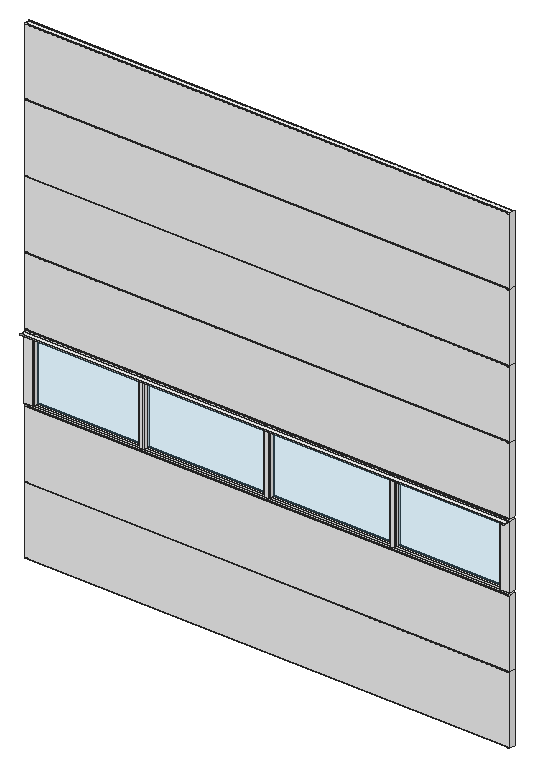
Revit family
Parameters (values of type "By Type")
  Windload = "Doors available rated for various design pressures; consult Clopay for avaialbility and specifications"
  VisSection6 = NumSections = 6  # no
  VisSection5 = NumSections > 4  # yes
  VisSection4 = NumSections > 3  # yes
  VisSection3 = NumSections > 2  # yes
  VisArray = NumSections > 6  # yes
  URL = "www.clopaydoor.com"
  Track = "Galvanized steel (gauge varies according to door size)"
  Thickness = 0' - 2"  # constant formula
  Spec Wizard = "http://www.arcat.com/specwizard/08360clo/index.htm"
  Section Height = Height / NumSections  # 2' - 0"
  Section 5 Glazing = 3200 Section : Solid
  Section 4 Glazing = 3200 Section : Solid
  Section 3 Glazing = Full Vision Section : Intermediate
  Sales Information = "http://www.clopaydoor.com/where-to-buy.aspx?type=dealer"
  Rough Width = 0' - 0"  # constant formula
  Rough Height = 0' - 0"  # constant formula
  R-Value = "9.1"
  Product Features and Benefits = "http://www.clopaydoor.com/insulated-polystyrene-applications.aspx"
  Overlapping Jamb = yes
  Overlap = if(Overlapping Jamb, 0' 1", 0' 0")  # 0' - 1"
  Opening Width = 14' - 0"
  Opening Height = 14' - 0"
  Omniclass Table = "23-30 10 17 37 "
  NumSectionsNotRounded = Height / 2' 0"  # 7
  NumSections = NumSectionsNotRounded + 0.4999  # 7
  NumArraySections = if(NumSections > 6, NumSections - 5, 2)  # 2
  Model = "3200"
  Maximum Size = "Maximum 26' 2'' wide by 24' 0'' high. Additional limitations may apply do to door weight. Consult Clopay for specificiations and shop drawings."  # constant formula
  Manufacturer Website = "http://www.clopaydoor.com"
  Manufacturer Phone Number = "1-800-526-4301"
  Manufacturer Address = "1400 W. Market St., Troy, OH 45373"
  Manufacturer = "Clopay Building Products Company"
  LEED = "http://products.construction.com/swts_content_files/151607/303186.pdf"
  Keynote = "08 36 13"
  Interior Steel = "28 ga. galvanized, primed, and finish painted"
  Hardware = "14 ga. min. steel hinges; 10-ball steel rollers"
  GreenFormat = "http://www.greenformat.com/products/1541-Polystyrene-Insulated-Doors"
  Function = (empty or 0)
  Height = Opening Height + Rough Width * 0  # 14' - 0"
  Wall Closure = (empty or 0)
  Width = Opening Width + Rough Width * 0  # 14' - 0"
  FloorToSection7 = 6 * Section Height  # 12' - 0"
  FloorToSection6 = 5 * Section Height  # 10' - 0"
  FloorToSection5 = 4 * Section Height  # 8' - 0"
  FloorToSection4 = 3 * Section Height  # 6' - 0"
  FloorToSection3 = 2 * Section Height  # 4' - 0"
  FloorToSection2 = Section Height  # 2' - 0"
  File Revision = "01 (Aug, 2012)"
  Enterior Steel = "24 ga. galvanized, primed, and finish painted"
  Double End Stiles = Door Width > 14' 2"  # no
  Door Width = Opening Width + Overlap * 2  # 14' - 2"
  Door Height = Opening Height + Rough Width * 0  # 14' - 0"
  Description = "2'' thick polystyrene insulated, stucco embossed 24 gauge steel exterior with light ribbed pattern."
  Core Material = "Expanded polystyrene"
  Copyright = "2010, Clopay Building Products Company, Inc."
  Color = White
  CAD and Specifications = "http://www.clopaydoor.com/insulated-polystyrene-specs.aspx"
  Assembly Code = "B2030410"
Reference planes (in)
  plane 1 "Center (Front/Back)": y = 0
  plane 2 "Center (Left/Right)": x = 0
  plane 3 "Left": x = -84
  plane 4 "Right": x = 84
  plane 5 "Top": z = 168
  plane 6 "Exterior": y = 3
  plane 7 "Interior": y = -3
  plane 8: z = 120
  plane 9: z = 144
Lines and regions (in)
  Opening 1
    outline origin (-90, -3, 0) x (1, 0, 0) y (0, 0, 1)
      loop
        line (6, 0) -> (174, 0) -> (174, 168) -> (6, 168) -> (6, 0)
Text (in)
  text "Exterior" at (-74.96733, 27.31104, 0), in view "Ref. Level"
  text "Interior" at (-74.96733, -25.14366, 0), in view "Ref. Level"
  text "Exterior" at (0, 40.15149, 123.01588), in view "Right"
  text "Interior" at (0, -64.39139, 123.01588), in view "Right"
  text "Interior" at (0, -31.01599, 123.00693), in view "Left"
  text "Exterior" at (0, 54.57065, 123.00693), in view "Left"
Dimensions and locks (in)
  equal spacing: plane 3 "Left", plane 2 "Center (Left/Right)", plane 4 "Right"
  "Height": level to plane 5 "Top"
  "Width": plane 3 "Left" to plane 4 "Right"
  host wall to plane 5 "Top" = 14' - 0"
  nested 1 to plane 7 "Interior" = 0' - 0 1/2"
  "FloorToSection6": plane 8 to level
  "FloorToSection7": plane 9 to level
  group 1 to group 2 = 0' - 0"  (x2)
  group 1 to group 2 = 2' - 0"
  aligned and locked: plane 3 "Left" to Opening 1 sketch curve
  aligned and locked: plane 5 "Top" to Opening 1 sketch curve
  aligned and locked: Opening 1 sketch curve to plane 5 "Top"
  aligned and locked: Opening 1 sketch curve to plane 4 "Right"
  aligned and locked: Opening 1 sketch curve to level
  aligned and locked: plane 6 "Exterior" to host wall
  aligned and locked: host wall to plane 7 "Interior"
  aligned and locked: plane 2 "Center (Left/Right)" to nested 2
  aligned and locked: plane 2 "Center (Left/Right)" to nested 3
  aligned and locked: plane 2 "Center (Left/Right)" to nested 4
  aligned and locked: plane 2 "Center (Left/Right)" to nested 6
  aligned and locked: nested 6 to plane 8
  aligned and locked: nested 7 to plane 9
  aligned and locked: plane 2 "Center (Left/Right)" to nested 9
  aligned and locked: plane 7 "Interior" to nested 2
  aligned and locked: plane 7 "Interior" to nested 3
  aligned and locked: plane 7 "Interior" to nested 4  (x2)
  aligned and locked: plane 7 "Interior" to nested 9  (x2)
  aligned and locked: plane 7 "Interior" to nested 7
  aligned and locked: nested 1 to nested 7
  aligned and locked: nested 1 to nested 6
  aligned and locked: host wall to nested 3
Nested families (in)
  nested 1: "3200 Section" at (0, 0, 0), type "Solid"
    with X9 0' - 7 1/2", X8 0' - 7 1/2", X7 0' - 7 1/2", X6 0' - 7 1/2", X5 0' - 7 1/2", X4 11' - 7 1/2", X3 7' - 11 1/2", X2 4' - 3 1/2", NumWindows 4, NumArrayedWindows 4, Half Door Width Neg -7' - 1", Half Door Width 7' - 1", X1 0' - 7 1/2", Door Width 14' - 2"
  nested 2: "3200 Section" at (0, 0, 24), built-in parameter 1001364 <- "Section Height", type "Solid"
    with X9 0' - 7 1/2", X8 0' - 7 1/2", X7 0' - 7 1/2", X6 0' - 7 1/2", X5 0' - 7 1/2", X4 11' - 7 1/2", X3 7' - 11 1/2", X2 4' - 3 1/2", NumWindows 4, NumArrayedWindows 4, Half Door Width Neg -7' - 1", Half Door Width 7' - 1", X1 0' - 7 1/2", Door Width 14' - 2"
  nested 3: "3200 Section" at (0, 0, 120), built-in parameter 1001364 <- "FloorToSection6", visible <- "VisSection6", type "Solid"
    with X9 0' - 7 1/2", X8 0' - 7 1/2", X7 0' - 7 1/2", X6 0' - 7 1/2", X5 0' - 7 1/2", X4 11' - 7 1/2", X3 7' - 11 1/2", X2 4' - 3 1/2", NumWindows 4, NumArrayedWindows 4, Half Door Width Neg -7' - 1", Half Door Width 7' - 1", X1 0' - 7 1/2", Door Width 14' - 2"
  nested 4: "3200 Section" at (0, 0, 96), built-in parameter 1001364 <- "FloorToSection5", type <- "Section 5 Glazing", visible <- "VisSection5", type "Solid"
    with X9 0' - 7 1/2", X8 0' - 7 1/2", X7 0' - 7 1/2", X6 0' - 7 1/2", X5 0' - 7 1/2", X4 11' - 7 1/2", X3 7' - 11 1/2", X2 4' - 3 1/2", NumWindows 4, NumArrayedWindows 4, Half Door Width Neg -7' - 1", Half Door Width 7' - 1", X1 0' - 7 1/2", Door Width 14' - 2"
  nested 5: "3200 Section" at (0, 0, 72), type <- "Section 4 Glazing", built-in parameter 1001364 <- "FloorToSection4", visible <- "VisSection4", type "Solid"
    with X9 0' - 7 1/2", X8 0' - 7 1/2", X7 0' - 7 1/2", X6 0' - 7 1/2", X5 0' - 7 1/2", X4 11' - 7 1/2", X3 7' - 11 1/2", X2 4' - 3 1/2", NumWindows 4, NumArrayedWindows 4, Half Door Width Neg -7' - 1", Half Door Width 7' - 1", X1 0' - 7 1/2", Door Width 14' - 2"
  nested 6: "3200 Section" at (0, 0, 120), visible <- "VisArray", type "Solid"
    with X9 0' - 7 1/2", X8 0' - 7 1/2", X7 0' - 7 1/2", X6 0' - 7 1/2", X5 0' - 7 1/2", X4 11' - 7 1/2", X3 7' - 11 1/2", X2 4' - 3 1/2", NumWindows 4, NumArrayedWindows 4, Half Door Width Neg -7' - 1", Half Door Width 7' - 1", X1 0' - 7 1/2", Door Width 14' - 2"
  nested 7: "3200 Section" at (0, 0, 144), visible <- "VisArray", type "Solid"
    with X9 0' - 7 1/2", X8 0' - 7 1/2", X7 0' - 7 1/2", X6 0' - 7 1/2", X5 0' - 7 1/2", X4 11' - 7 1/2", X3 7' - 11 1/2", X2 4' - 3 1/2", NumWindows 4, NumArrayedWindows 4, Half Door Width Neg -7' - 1", Half Door Width 7' - 1", X1 0' - 7 1/2", Door Width 14' - 2"
  nested 8: "3200 Section" at (0, 4.53003, 370.39685), type "Windows - 24x8", not visible
    with X9 0' - 7 1/2", X8 0' - 7 1/2", X7 0' - 7 1/2", X6 0' - 7 1/2", X5 0' - 7 1/2", X4 11' - 7 1/2", X3 7' - 11 1/2", X2 4' - 3 1/2", NumWindows 4, NumArrayedWindows 4, Half Door Width Neg -7' - 1", Half Door Width 7' - 1", X1 0' - 7 1/2", Door Width 14' - 2"
  nested 9: "Full Vision Section" at (0, 0, 48), built-in parameter 1001364 <- "FloorToSection3", type <- "Section 3 Glazing", type "Intermediate"
    with SingleStileVis no, Rail Width 14' - 1 13/16", NumIntStiles 3, Half Rail Width 7' - 0 29/32", Half Door Width 7' - 1", Glass Width 14' - 0 13/16", Edge to 1st Int Stile 3' - 5", Door Width 14' - 2", ArrayStileVis yes, ArrayIntStiles 3
Definition of nested family "3200 Section"
  Parameters (values of type "Windows - 24x12")
    X9 = if(if(NumArrayedWindows < NumWindows, NumArrayedWindows + 1, NumWindows) < 9, X1, X8 + WindowSpacing)  # 0' - 7 1/2"
    X8 = if(if(NumArrayedWindows < NumWindows, NumArrayedWindows + 1, NumWindows) < 8, X1, X7 + WindowSpacing)  # 0' - 7 1/2"
    X7 = if(if(NumArrayedWindows < NumWindows, NumArrayedWindows + 1, NumWindows) < 7, X1, X6 + WindowSpacing)  # 0' - 7 1/2"
    X6 = if(if(NumArrayedWindows < NumWindows, NumArrayedWindows + 1, NumWindows) < 6, X1, X5 + WindowSpacing)  # 0' - 7 1/2"
    X5 = if(if(NumArrayedWindows < NumWindows, NumArrayedWindows + 1, NumWindows) < 5, X1, X4 + WindowSpacing)  # 0' - 7 1/2"
    X4 = if(if(NumArrayedWindows < NumWindows, NumArrayedWindows + 1, NumWindows) < 4, X1, X3 + WindowSpacing)  # 11' - 7 1/2"
    X3 = if(or(NumWindows < 3, SingleWindowVis), X1, X2 + WindowSpacing)  # 7' - 11 1/2"
    X2 = if(NumWindows < 2, ((Door Width - (NumWindows - 1) * WindowSpacing) / 2 - Cutout Width / 2), ((Door Width - (NumWindows - 1) * WindowSpacing) / 2 - Cutout Width / 2) + WindowSpacing)  # 4' - 3 1/2"
    Windows (2) = 3200 Window : 24x12
    Windows = 3200 Window Array : 24x12
    WindowSpacing = if(and(Door Width < 10' 0", Door Width > 9' 2"), 3' 4", 3' 8")  # 3' - 8"
    WindowArrayVis = and(or(and(Window Type Index = 4, Door Width > 7' 6", Door Width < 16' 3"), Window Type Index = 3, Window Type Index = 2), not(SingleWindowVis))  # yes
    WindowCutDepth = if(or(Window Type Index = 1, and(Door Width < 7' 8", Window Type Index = 4), and(Window Type Index = 4, Door Width > 16' 2")), -0' 0 13/128", 0' 2")  # 0' - 2"
    Window Type Index = 3
    SingleWindowVis = and(X2 = X1, NumWindows = 3, Window Type Index = 4)  # no
    Section Height = 2' - 0"
    RibSpacing = Section Height / (NumRibs + 1)  # 0' - 4"
    NumWindows = if(Door Width < 9' 4", 2, if(Door Width < 13' 4", 3, if(Door Width < 16' 4", 4, if(Door Width < 20' 4", 5, if(Door Width < 24' 4", 6, if(Door Width < 26' 4", 7, if(Door Width < 31' 8", 8, 10)))))))  # 4
    NumRibs = if(Section Height < 1' 9", 3, if(Section Height < 2' 0", 4, 5))  # 5
    NumArrayedWindows = if(X2 = X1, if(NumWindows < 4, 2, NumWindows - 2), NumWindows)  # 4
    Half Section Height = Section Height / 2  # 1' - 0"
    Half Door Width Neg = -Half Door Width  # -7' - 1"
    Half Door Width = Door Width / 2  # 7' - 1"
    Half Cutout Height = Cutout Height / 2  # 0' - 5 1/2"
    Function = (empty or 0)
    Height = 0' - 0"
    Wall Closure = (empty or 0)
    Width = 0' - 0"
    X1 = if(if(Window Type Index = 4, if(or(and(Door Width < 11' 0", Door Width > 9' 2"), and(Door Width < 15' 3", Door Width > 13' 2")), X2, (Door Width - (NumWindows - 1) * WindowSpacing) / 2 - Cutout Width / 2), if(or(and(Door Width > 16' 2", Door Width < 16' 7")), X2, (Door Width - (NumWindows - 1) * WindowSpacing) / 2 - Cutout Width / 2)) < 0' 1", 0' 1", if(Window Type Index = 4, if(or(and(Door Width < 11' 0", Door Width > 9' 2"), and(Door Width < 15' 3", Door Width > 13' 2")), X2, (Door Width - (NumWindows - 1) * WindowSpacing) / 2 - Cutout Width / 2), if(or(and(Door Width > 16' 2", Door Width < 16' 7")), X2, (Door Width - (NumWindows - 1) * WindowSpacing) / 2 - Cutout Width / 2)))  # 0' - 7 1/2"
    Door Width = 14' - 2"
    CutoutToCutout = 1' - 0"
    Cutout Width = if(Window Type Index = 4, 3' 2", 1' 11")  # 1' - 11"
    Cutout Height = if(Window Type Index = 4, 1' 0", if(Window Type Index = 3, 0' 11", 0' 7"))  # 0' - 11"
    Color = White
    BtmTo1stRib = RibSpacing  # 0' - 4"
    Assembly Code = ""
  Types (4): name | X9 | X8 | X7 | X6 | X5 | X4 | X3 | X2 | Windows (2) | Windows | WindowArrayVis | WindowCutDepth | Window Type Index | NumWindows | NumArrayedWindows | Half Door Width Neg | Half Door Width | Half Cutout Height | X1 | Door Width | Cutout Width | Cutout Height
    Windows - 24x12 | 0' - 7 1/2" | 0' - 7 1/2" | 0' - 7 1/2" | 0' - 7 1/2" | 0' - 7 1/2" | 11' - 7 1/2" | 7' - 11 1/2" | 4' - 3 1/2" | 3200 Window : 24x12 | 3200 Window Array : 24x12 | yes | 0' - 2" | 3 | 4 | 4 | -7' - 1" | 7' - 1" | 0' - 5 1/2" | 0' - 7 1/2" | 14' - 2" | 1' - 11" | 0' - 11"
    Windows - 24x8 | 3' - 6 1/2" | 3' - 6 1/2" | 3' - 6 1/2" | 3' - 6 1/2" | 3' - 6 1/2" | 10' - 10 1/2" | 7' - 2 1/2" | 3' - 6 1/2" | 3200 Window : 24x8 | 3200 Window Array : 24x8 | yes | 0' - 2" | 2 | 5 | 3 | -8' - 2" | 8' - 2" | 0' - 3 1/2" | 3' - 6 1/2" | 16' - 4" | 1' - 11" | 0' - 7"
    Solid | 1' - 5 1/2" | 1' - 5 1/2" | 1' - 5 1/2" | 1' - 5 1/2" | 1' - 5 1/2" | 1' - 5 1/2" | 8' - 9 1/2" | 5' - 1 1/2" | 3200 Window : 24x8 | 3200 Window : 24x8 | no | -0' - 0 13/128" | 1 | 3 | 3 | -6' - 1" | 6' - 1" | 0' - 3 1/2" | 1' - 5 1/2" | 12' - 2" | 1' - 11" | 0' - 7"
    Windows - 40x14 | 0' - 10" | 0' - 10" | 0' - 10" | 0' - 10" | 0' - 10" | 0' - 10" | 8' - 2" | 4' - 6" | 3200 Window : 40x14 | 3200 Window Array : 40x14 | yes | 0' - 2" | 4 | 3 | 3 | -6' - 1" | 6' - 1" | 0' - 6" | 0' - 10" | 12' - 2" | 3' - 2" | 1' - 0"
  Reference planes (in)
    plane 1 "Center (Front/Back)": y = 0
    plane 2 "Center (Left/Right)": x = 0
    plane 3 "Exterior": y = 3
    plane 4 "Interior": y = -3
    plane 5: y = -3.5
    plane 6: x = 85
    plane 7: x = -85
    plane 8: z = 4
    plane 9: z = 8
    plane 10: z = 24
    plane 11: z = 12
    plane 12: z = 0
  Forms (in)
    Extrusion 1, solid, material "White" <- "Color"
      sketch origin (-85, -12, 83.08252) x (0, 0, 1) y (0, -1, 0)
        loop
          line (-59.08252, -8.37573) -> (-59.08252, -6.62444)
          arc (-59.08252, -6.62444) -> (-59.11897, -6.53645) -> (-59.20696, -6.5) r 0.12444
          line (-59.20696, -6.5) -> (-82.95809, -6.5)
          arc (-82.95809, -6.5) -> (-83.04608, -6.53645) -> (-83.08252, -6.62444) r 0.12444
          line (-83.08252, -6.62444) -> (-83.08252, -8.37573)
          arc (-83.08252, -8.37573) -> (-83.04612, -8.4636) -> (-82.95825, -8.5) r 0.12427
          line (-82.95825, -8.5) -> (-59.20679, -8.5)
          arc (-59.20679, -8.5) -> (-59.11892, -8.4636) -> (-59.08252, -8.37573) r 0.12427
      from 0 to 170 <- "Door Width"
    Extrusion 2, void
      sketch origin (-98.15385, -3.5, 48) x (1, 0, 0) y (0, 0, 1)
        loop
          line (175.65385, -30.5) -> (152.65385, -30.5) -> (152.65385, -36) -> (175.65385, -36) -> (175.65385, -30.5)
      from 0 to 2 <- "WindowCutDepth"
    Extrusion 3, void
      sketch origin (-98.15385, -3.5, -24) x (1, 0, 0) y (0, 0, 1)
        loop
          line (175.65385, 30.5) -> (175.65385, 36) -> (152.65385, 36) -> (152.65385, 30.5) -> (175.65385, 30.5)
      from 0 to 2 <- "WindowCutDepth"
    Extrusion 4, void
      sketch origin (-136.15385, -3.5, 48) x (1, 0, 0) y (0, 0, 1)
        loop
          line (169.65385, -30.5) -> (146.65385, -30.5) -> (146.65385, -36) -> (169.65385, -36) -> (169.65385, -30.5)
      from 0 to 2 <- "WindowCutDepth"
    Extrusion 5, void
      sketch origin (-136.15385, -3.5, -24) x (1, 0, 0) y (0, 0, 1)
        loop
          line (169.65385, 30.5) -> (169.65385, 36) -> (146.65385, 36) -> (146.65385, 30.5) -> (169.65385, 30.5)
      from 0 to 2 <- "WindowCutDepth"
    Extrusion 6, void
      sketch origin (-171.15385, -3.5, 48) x (1, 0, 0) y (0, 0, 1)
        loop
          line (160.65385, -30.5) -> (137.65385, -30.5) -> (137.65385, -36) -> (160.65385, -36) -> (160.65385, -30.5)
      from 0 to 2 <- "WindowCutDepth"
    Extrusion 7, void
      sketch origin (-171.15385, -3.5, -24) x (1, 0, 0) y (0, 0, 1)
        loop
          line (160.65385, 30.5) -> (160.65385, 36) -> (137.65385, 36) -> (137.65385, 30.5) -> (160.65385, 30.5)
      from 0 to 2 <- "WindowCutDepth"
    Extrusion 8, void
      sketch origin (-214.15385, -3.5, 48) x (1, 0, 0) y (0, 0, 1)
        loop
          line (159.65385, -30.5) -> (136.65385, -30.5) -> (136.65385, -36) -> (159.65385, -36) -> (159.65385, -30.5)
      from 0 to 2 <- "WindowCutDepth"
    Extrusion 9, void
      sketch origin (-214.15385, -3.5, -24) x (1, 0, 0) y (0, 0, 1)
        loop
          line (159.65385, 30.5) -> (159.65385, 36) -> (136.65385, 36) -> (136.65385, 30.5) -> (159.65385, 30.5)
      from 0 to 2 <- "WindowCutDepth"
    Extrusion 10, void
      sketch origin (-256.15385, -3.5, 48) x (1, 0, 0) y (0, 0, 1)
        loop
          line (333.65385, -30.5) -> (310.65385, -30.5) -> (310.65385, -36) -> (333.65385, -36) -> (333.65385, -30.5)
      from 0 to 2 <- "WindowCutDepth"
    Extrusion 11, void
      sketch origin (-256.15385, -3.5, -24) x (1, 0, 0) y (0, 0, 1)
        loop
          line (333.65385, 30.5) -> (333.65385, 36) -> (310.65385, 36) -> (310.65385, 30.5) -> (333.65385, 30.5)
      from 0 to 2 <- "WindowCutDepth"
    Extrusion 12, void
      sketch origin (-294.15385, -3.5, 48) x (1, 0, 0) y (0, 0, 1)
        loop
          line (371.65385, -30.5) -> (348.65385, -30.5) -> (348.65385, -36) -> (371.65385, -36) -> (371.65385, -30.5)
      from 0 to 2 <- "WindowCutDepth"
    Extrusion 13, void
      sketch origin (-294.15385, -3.5, -24) x (1, 0, 0) y (0, 0, 1)
        loop
          line (371.65385, 30.5) -> (371.65385, 36) -> (348.65385, 36) -> (348.65385, 30.5) -> (371.65385, 30.5)
      from 0 to 2 <- "WindowCutDepth"
    Extrusion 14, void
      sketch origin (-331.15385, -3.5, 48) x (1, 0, 0) y (0, 0, 1)
        loop
          line (408.65385, -30.5) -> (385.65385, -30.5) -> (385.65385, -36) -> (408.65385, -36) -> (408.65385, -30.5)
      from 0 to 2 <- "WindowCutDepth"
    Extrusion 15, void
      sketch origin (-331.15385, -3.5, -24) x (1, 0, 0) y (0, 0, 1)
        loop
          line (408.65385, 30.5) -> (408.65385, 36) -> (385.65385, 36) -> (385.65385, 30.5) -> (408.65385, 30.5)
      from 0 to 2 <- "WindowCutDepth"
    Extrusion 16, void
      sketch origin (-368.15385, -3.5, 48) x (1, 0, 0) y (0, 0, 1)
        loop
          line (445.65385, -30.5) -> (422.65385, -30.5) -> (422.65385, -36) -> (445.65385, -36) -> (445.65385, -30.5)
      from 0 to 2 <- "WindowCutDepth"
    Extrusion 17, void
      sketch origin (-368.15385, -3.5, -24) x (1, 0, 0) y (0, 0, 1)
        loop
          line (445.65385, 30.5) -> (445.65385, 36) -> (422.65385, 36) -> (422.65385, 30.5) -> (445.65385, 30.5)
      from 0 to 2 <- "WindowCutDepth"
    Extrusion 18, void
      sketch origin (-407.15385, -3.5, 48) x (1, 0, 0) y (0, 0, 1)
        loop
          line (484.65385, -30.5) -> (461.65385, -30.5) -> (461.65385, -36) -> (484.65385, -36) -> (484.65385, -30.5)
      from 0 to 2 <- "WindowCutDepth"
    Extrusion 19, void
      sketch origin (-407.15385, -3.5, -24) x (1, 0, 0) y (0, 0, 1)
        loop
          line (484.65385, 30.5) -> (484.65385, 36) -> (461.65385, 36) -> (461.65385, 30.5) -> (484.65385, 30.5)
      from 0 to 2 <- "WindowCutDepth"
    Extrusion 20, void
      sketch origin (0, -17.99967, -0.5) x (0, 1, 0) y (0, 0, -1)
        loop
          line (14.49967, -4.62727) -> (14.49967, -4.37273) -> (14.46935, -4.41942)
          arc (14.46935, -4.41942) -> (14.46214, -4.43506) -> (14.45967, -4.4521) r 0.06
          line (14.45967, -4.4521) -> (14.45967, -4.5479)
          arc (14.45967, -4.5479) -> (14.46214, -4.56494) -> (14.46935, -4.58058) r 0.06
          line (14.46935, -4.58058) -> (14.49967, -4.62727)
      from -85 <- "Half Door Width Neg" to 170 <- "Door Width"
    Extrusion 21, void
      sketch origin (0, -17.99967, 3.5) x (0, 1, 0) y (0, 0, -1)
        loop
          line (14.49967, -4.62727) -> (14.49967, -4.37273) -> (14.46935, -4.41942)
          arc (14.46935, -4.41942) -> (14.46214, -4.43506) -> (14.45967, -4.4521) r 0.06
          line (14.45967, -4.4521) -> (14.45967, -4.5479)
          arc (14.45967, -4.5479) -> (14.46214, -4.56494) -> (14.46935, -4.58058) r 0.06
          line (14.46935, -4.58058) -> (14.49967, -4.62727)
      from -85 <- "Half Door Width Neg" to 170 <- "Door Width"
    Extrusion 22, void
      sketch origin (0, -17.99967, 7.5) x (0, 1, 0) y (0, 0, -1)
        loop
          line (14.49967, -4.62727) -> (14.49967, -4.37273) -> (14.46935, -4.41942)
          arc (14.46935, -4.41942) -> (14.46214, -4.43506) -> (14.45967, -4.4521) r 0.06
          line (14.45967, -4.4521) -> (14.45967, -4.5479)
          arc (14.45967, -4.5479) -> (14.46214, -4.56494) -> (14.46935, -4.58058) r 0.06
          line (14.46935, -4.58058) -> (14.49967, -4.62727)
      from -85 <- "Half Door Width Neg" to 170 <- "Door Width"
    Extrusion 23, void
      sketch origin (0, -17.99967, 11.5) x (0, 1, 0) y (0, 0, -1)
        loop
          line (14.49967, -4.62727) -> (14.49967, -4.37273) -> (14.46935, -4.41942)
          arc (14.46935, -4.41942) -> (14.46214, -4.43506) -> (14.45967, -4.4521) r 0.06
          line (14.45967, -4.4521) -> (14.45967, -4.5479)
          arc (14.45967, -4.5479) -> (14.46214, -4.56494) -> (14.46935, -4.58058) r 0.06
          line (14.46935, -4.58058) -> (14.49967, -4.62727)
      from -85 <- "Half Door Width Neg" to 170 <- "Door Width"
    Extrusion 24, void
      sketch origin (0, -8.99984, 15.5) x (0, 1, 0) y (0, 0, -1)
        loop
          line (5.49984, -4.62727) -> (5.49984, -4.37273) -> (5.46952, -4.41942)
          arc (5.46952, -4.41942) -> (5.46231, -4.43506) -> (5.45984, -4.4521) r 0.06
          line (5.45984, -4.4521) -> (5.45984, -4.5479)
          arc (5.45984, -4.5479) -> (5.46231, -4.56494) -> (5.46952, -4.58058) r 0.06
          line (5.46952, -4.58058) -> (5.49984, -4.62727)
      from -85 <- "Half Door Width Neg" to 170 <- "Door Width"
  Cuts and joins
    Extrusion 2, Extrusion 3, Extrusion 4, Extrusion 5, Extrusion 6, Extrusion 7, Extrusion 8, Extrusion 9, Extrusion 10, Extrusion 11, Extrusion 12, Extrusion 13, Extrusion 14, Extrusion 15, Extrusion 16, Extrusion 17, Extrusion 18, Extrusion 19, Extrusion 20, Extrusion 21, Extrusion 22, Extrusion 23, Extrusion 24 cuts Extrusion 1
  Lines and regions (in)
    reference lines
      curve 1: line (-72, -3.54, 4) -> (-72, -3.5, 4)
      curve 2: line (-72, -3.54, 8) -> (-72, -3.5, 8)
      curve 3: line (-72, -3.54, 12) -> (-72, -3.5, 12)
      curve 4: line (-72, -3.54, 16) -> (-72, -3.5, 16)
      curve 5: line (-72, -3.54, 20) -> (-72, -3.5, 20)
  Text (in)
    text "Exterior" at (-74.96733, 27.31104, 0), in view "Ref. Level"
    text "Interior" at (-74.96733, -25.14366, 0), in view "Ref. Level"
    text "Exterior" at (0, 40.15149, 123.01588), in view "Right"
    text "Interior" at (0, -64.39139, 123.01588), in view "Right"
    text "Interior" at (0, -31.01599, 123.00693), in view "Left"
    text "Exterior" at (0, 54.57065, 123.00693), in view "Left"
  Dimensions and locks (in)
    plane 4 "Interior" to plane 5 = 0' - 0 1/2"
    "Half Door Width": plane 2 "Center (Left/Right)" to plane 7
    "Half Door Width": plane 6 to plane 2 "Center (Left/Right)"
    Extrusion 1 sketch curve to Extrusion 1 sketch curve = 0' - 2"
    "BtmTo1stRib": plane 8 to level
    "RibSpacing": plane 9 to plane 8
    "Section Height": plane 10 to level
    "Half Section Height": level to plane 11
    "Cutout Width": Extrusion 2 sketch curve to Extrusion 2 sketch curve
    "Half Cutout Height": Extrusion 2 sketch curve to Extrusion 2 sketch curve
    "Cutout Width": Extrusion 3 sketch curve to Extrusion 3 sketch curve
    "Half Cutout Height": Extrusion 3 sketch curve to Extrusion 3 sketch curve
    "X1": cut or joined group 1 (Extrusion 1, Extrusion 2, Extrusion 3, Extrusion 4, Extrusion 5, Extrusion 6, Extrusion 7, Extrusion 8, Extrusion 9, Extrusion 10, Extrusion 11, Extrusion 12, Extrusion 13, Extrusion 14, Extrusion 15, Extrusion 16, Extrusion 17, Extrusion 18, Extrusion 19, Extrusion 20, Extrusion 21, Extrusion 22, Extrusion 23, Extrusion 24) to cut or joined group 1
    "Cutout Width": Extrusion 4 sketch curve to Extrusion 4 sketch curve
    "Half Cutout Height": Extrusion 4 sketch curve to Extrusion 4 sketch curve
    "Cutout Width": Extrusion 5 sketch curve to Extrusion 5 sketch curve
    "Half Cutout Height": Extrusion 5 sketch curve to Extrusion 5 sketch curve
    "Cutout Width": Extrusion 6 sketch curve to Extrusion 6 sketch curve
    "Half Cutout Height": Extrusion 6 sketch curve to Extrusion 6 sketch curve
    "Cutout Width": Extrusion 7 sketch curve to Extrusion 7 sketch curve
    "Half Cutout Height": Extrusion 7 sketch curve to Extrusion 7 sketch curve
    "X2": plane 6 to cut or joined group 1
    "X3": plane 6 to cut or joined group 1
    "Cutout Width": Extrusion 8 sketch curve to Extrusion 8 sketch curve
    "Half Cutout Height": Extrusion 8 sketch curve to Extrusion 8 sketch curve
    "Cutout Width": Extrusion 9 sketch curve to Extrusion 9 sketch curve
    "Half Cutout Height": Extrusion 9 sketch curve to Extrusion 9 sketch curve
    "Cutout Width": Extrusion 10 sketch curve to Extrusion 10 sketch curve
    "Half Cutout Height": Extrusion 10 sketch curve to Extrusion 10 sketch curve
    "Cutout Width": Extrusion 11 sketch curve to Extrusion 11 sketch curve
    "Half Cutout Height": Extrusion 11 sketch curve to Extrusion 11 sketch curve
    "Cutout Width": Extrusion 12 sketch curve to Extrusion 12 sketch curve
    "Half Cutout Height": Extrusion 12 sketch curve to Extrusion 12 sketch curve
    "Cutout Width": Extrusion 13 sketch curve to Extrusion 13 sketch curve
    "Half Cutout Height": Extrusion 13 sketch curve to Extrusion 13 sketch curve
    "Cutout Width": Extrusion 14 sketch curve to Extrusion 14 sketch curve
    "Half Cutout Height": Extrusion 14 sketch curve to Extrusion 14 sketch curve
    "Cutout Width": Extrusion 15 sketch curve to Extrusion 15 sketch curve
    "Half Cutout Height": Extrusion 15 sketch curve to Extrusion 15 sketch curve
    "Cutout Width": Extrusion 16 sketch curve to Extrusion 16 sketch curve
    "Half Cutout Height": Extrusion 16 sketch curve to Extrusion 16 sketch curve
    "Cutout Width": Extrusion 17 sketch curve to Extrusion 17 sketch curve
    "Half Cutout Height": Extrusion 17 sketch curve to Extrusion 17 sketch curve
    "Cutout Width": Extrusion 18 sketch curve to Extrusion 18 sketch curve
    "Half Cutout Height": Extrusion 18 sketch curve to Extrusion 18 sketch curve
    "Cutout Width": Extrusion 19 sketch curve to Extrusion 19 sketch curve
    "Half Cutout Height": Extrusion 19 sketch curve to Extrusion 19 sketch curve
    "X4": plane 6 to cut or joined group 1
    "X5": plane 6 to cut or joined group 1
    "X6": plane 6 to cut or joined group 1
    "X7": plane 6 to cut or joined group 1
    "X8": plane 6 to cut or joined group 1
    "X9": plane 6 to cut or joined group 1
    locked: nested 1 to cut or joined group 1 at 1  (x2)
    locked: nested 1 to cut or joined group 1 at 0.125
    locked: nested 2 to cut or joined group 1 at 1  (x2)
    locked: nested 2 to plane 5 at 0.125
    Extrusion 20 sketch curve to Extrusion 20 sketch curve = 0' - 0.25454"
    Extrusion 20 sketch curve to Extrusion 20 sketch curve = 0' - 0.04"  (x2)
    Extrusion 20 sketch curve to curve 1 = 0' - 0.12727"
    Extrusion 21 sketch curve to Extrusion 21 sketch curve = 0' - 0.25454"
    Extrusion 21 sketch curve to Extrusion 21 sketch curve = 0' - 0.04"  (x2)
    Extrusion 21 sketch curve to curve 2 = 0' - 0.12727"
    equal spacing: group 1, group 2, group 3, group 4, group 5  (x3)
    Extrusion 22 sketch curve to Extrusion 22 sketch curve = 0' - 0.25454"
    Extrusion 22 sketch curve to Extrusion 22 sketch curve = 0' - 0.04"  (x2)
    Extrusion 22 sketch curve to curve 3 = 0' - 0.12727"
    locked: plane 5 to plane 4 "Interior" at 0.5
    Extrusion 23 sketch curve to Extrusion 23 sketch curve = 0' - 0.25454"
    Extrusion 23 sketch curve to Extrusion 23 sketch curve = 0' - 0.04"  (x2)
    Extrusion 23 sketch curve to curve 4 = 0' - 0.12727"
    Extrusion 24 sketch curve to Extrusion 24 sketch curve = 0' - 0.25454"
    Extrusion 24 sketch curve to Extrusion 24 sketch curve = 0' - 0.04"  (x2)
    Extrusion 24 sketch curve to curve 5 = 0' - 0.12727"
    radius of Extrusion 1 sketch curve = 0' - 0.12427"  (x2)
    radius of Extrusion 1 sketch curve = 0' - 0.12444"  (x2)
    angle Extrusion 20 sketch curve to Extrusion 20 sketch curve = 147.00°  (x2)
    angle Extrusion 21 sketch curve to Extrusion 21 sketch curve = 147.00°  (x2)
    angle Extrusion 22 sketch curve to Extrusion 22 sketch curve = 147.00°  (x2)
    angle Extrusion 23 sketch curve to Extrusion 23 sketch curve = 147.00°  (x2)
    angle Extrusion 24 sketch curve to Extrusion 24 sketch curve = 147.00°  (x2)
    aligned and locked: Extrusion 1 sketch curve to plane 5
    aligned and locked: Extrusion 2 sketch curve to plane 11
    aligned and locked: plane 11 to Extrusion 3 sketch curve
    aligned and locked: cut or joined group 1 to cut or joined group 1  (x9)
    aligned and locked: plane 12 to level
    aligned: plane 9 to curve 2  (x2)
    aligned and locked: plane 8 to curve 1
    aligned and locked: plane 9 to curve 2
  Automatic sketch dimensions
    curve 1 to curve 1 = 0' - 0.04"
    Extrusion 20 sketch curve to Extrusion 20 sketch curve = 0' - 0"
    Extrusion 20 sketch curve to Extrusion 20 sketch curve = 0' - 0.02"
    Extrusion 20 sketch curve to Extrusion 20 sketch curve = 0' - 0.00968"  (x2)
    Extrusion 21 sketch curve to Extrusion 21 sketch curve = 0' - 0"
    Extrusion 21 sketch curve to Extrusion 21 sketch curve = 0' - 0.02"
    Extrusion 21 sketch curve to Extrusion 21 sketch curve = 0' - 0.00968"  (x2)
    Extrusion 22 sketch curve to Extrusion 22 sketch curve = 0' - 0"
    Extrusion 22 sketch curve to Extrusion 22 sketch curve = 0' - 0.02"
    Extrusion 22 sketch curve to Extrusion 22 sketch curve = 0' - 0.00968"  (x2)
    Extrusion 1 sketch curve to level = 0' - 0"
    Extrusion 1 sketch curve to plane 10 = 0' - 0"
    plane 2 "Center (Left/Right)" to Extrusion 2 sketch curve = 4' - 6 1/2"
    plane 2 "Center (Left/Right)" to Extrusion 3 sketch curve = 4' - 6 1/2"
    Extrusion 4 sketch curve to plane 11 = 0' - 0"
    plane 2 "Center (Left/Right)" to Extrusion 4 sketch curve = 0' - 10 1/2"
    Extrusion 5 sketch curve to plane 11 = 0' - 0"
    plane 2 "Center (Left/Right)" to Extrusion 5 sketch curve = 0' - 10 1/2"
    Extrusion 6 sketch curve to plane 11 = 0' - 0"
    plane 7 to Extrusion 6 sketch curve = 4' - 3 1/2"
    Extrusion 7 sketch curve to plane 11 = 0' - 0"
    plane 7 to Extrusion 7 sketch curve = 4' - 3 1/2"
    Extrusion 8 sketch curve to plane 11 = 0' - 0"
    Extrusion 8 sketch curve to plane 2 "Center (Left/Right)" = 6' - 5 1/2"
    Extrusion 9 sketch curve to plane 11 = 0' - 0"
    Extrusion 9 sketch curve to plane 2 "Center (Left/Right)" = 6' - 5 1/2"
    Extrusion 10 sketch curve to plane 11 = 0' - 0"
    plane 2 "Center (Left/Right)" to Extrusion 10 sketch curve = 4' - 6 1/2"
    Extrusion 11 sketch curve to plane 11 = 0' - 0"
    plane 2 "Center (Left/Right)" to Extrusion 11 sketch curve = 4' - 6 1/2"
    Extrusion 12 sketch curve to plane 11 = 0' - 0"
    plane 2 "Center (Left/Right)" to Extrusion 12 sketch curve = 4' - 6 1/2"
    Extrusion 13 sketch curve to plane 11 = 0' - 0"
    plane 2 "Center (Left/Right)" to Extrusion 13 sketch curve = 4' - 6 1/2"
    Extrusion 14 sketch curve to plane 11 = 0' - 0"
    plane 2 "Center (Left/Right)" to Extrusion 14 sketch curve = 4' - 6 1/2"
    Extrusion 15 sketch curve to plane 11 = 0' - 0"
    plane 2 "Center (Left/Right)" to Extrusion 15 sketch curve = 4' - 6 1/2"
    Extrusion 16 sketch curve to plane 11 = 0' - 0"
    plane 2 "Center (Left/Right)" to Extrusion 16 sketch curve = 4' - 6 1/2"
    Extrusion 17 sketch curve to plane 11 = 0' - 0"
    plane 2 "Center (Left/Right)" to Extrusion 17 sketch curve = 4' - 6 1/2"
    Extrusion 18 sketch curve to plane 11 = 0' - 0"
    plane 2 "Center (Left/Right)" to Extrusion 18 sketch curve = 4' - 6 1/2"
    Extrusion 19 sketch curve to plane 11 = 0' - 0"
    plane 2 "Center (Left/Right)" to Extrusion 19 sketch curve = 4' - 6 1/2"
    Extrusion 23 sketch curve to Extrusion 23 sketch curve = 0' - 0"
    Extrusion 23 sketch curve to Extrusion 23 sketch curve = 0' - 0.02"
    Extrusion 23 sketch curve to Extrusion 23 sketch curve = 0' - 0.00968"  (x2)
    Extrusion 24 sketch curve to Extrusion 24 sketch curve = 0' - 0"
    Extrusion 24 sketch curve to Extrusion 24 sketch curve = 0' - 0.02"
    Extrusion 24 sketch curve to Extrusion 24 sketch curve = 0' - 0.00968"  (x2)
  Nested families (in)
    nested 1: "3200 Window Array" at (66, -3.375, 7.5) x (-1, 0, 0) z (0, 0, 1), type <- "Windows", visible <- "WindowArrayVis", type "24x12"
      with Frame Width 2' - 1", Frame Height 1' - 1"
    nested 2: "3200 Window" at (29.05882, -3.375, 6.85294), type <- "Windows (2)", visible <- "SingleWindowVis", type "24x12"
  Definition of nested family "3200 Window Array"
    Parameters (values of type "40x14")
      Window Spacing = 3' - 8"
      NumWindows = 4
      Frame Width = 3' - 4"
      Frame Height = 1' - 2"
      Color = Tan
      Assembly Code = ""
    Types (3): name | Frame Width | Frame Height
      24x8 | 2' - 1" | 0' - 9"
      28x14 | 2' - 4" | 1' - 2"
      40x14 | 3' - 4" | 1' - 2"
    Reference planes (in)
      plane 1 "Center (Front/Back)": y = 0
      plane 2: z = 0
      plane 3 "Center (Left/Right)": x = 0
      plane 4: y = -1
    Forms (in)
      Extrusion 1, solid, material "Tan" <- "Color"
        sketch origin (-1.38592, 0, 0) x (1, 0, 0) y (0, 0, 1)
          loop
            line (-15.92291, -0.72794) -> (19.57709, -0.72794)
            arc (19.57709, -0.72794) -> (20.01904, -0.54488) -> (20.20209, -0.10294) r 0.625
            line (20.20209, -0.10294) -> (20.20209, 9.39706)
            arc (20.20209, 9.39706) -> (20.01904, 9.839) -> (19.57709, 10.02206) r 0.625
            line (19.57709, 10.02206) -> (-15.92291, 10.02206)
            arc (-15.92291, 10.02206) -> (-16.36485, 9.839) -> (-16.54791, 9.39706) r 0.625
            line (-16.54791, 9.39706) -> (-16.54791, -0.10294)
            arc (-16.54791, -0.10294) -> (-16.36485, -0.54488) -> (-15.92291, -0.72794) r 0.625
          loop
            line (-17.54791, -2.35294) -> (21.20209, -2.35294)
            arc (21.20209, -2.35294) -> (21.64404, -2.16988) -> (21.82709, -1.72794) r 0.625
            line (21.82709, -1.72794) -> (21.82709, 11.02206)
            arc (21.82709, 11.02206) -> (21.64404, 11.464) -> (21.20209, 11.64706) r 0.625
            line (21.20209, 11.64706) -> (-17.54791, 11.64706)
            arc (-17.54791, 11.64706) -> (-17.98985, 11.464) -> (-18.17291, 11.02206) r 0.625
            line (-18.17291, 11.02206) -> (-18.17291, -1.72794)
            arc (-18.17291, -1.72794) -> (-17.98985, -2.16988) -> (-17.54791, -2.35294) r 0.625
        from 0 to 2.25
      Extrusion 2, solid, material "Glass"
        sketch origin (0, -1, 15.9844) x (0, 0, 1) y (-1, 0, 0)
          loop
            arc (-5.96234, 17.30882) -> (-6.1454, 17.75077) -> (-6.58734, 17.93382) r 0.625
            line (-6.58734, 17.93382) -> (-16.08734, 17.93382)
            arc (-16.08734, 17.93382) -> (-16.52928, 17.75077) -> (-16.71234, 17.30882) r 0.625
            line (-16.71234, 17.30882) -> (-16.71234, -18.19118)
            arc (-16.71234, -18.19118) -> (-16.52928, -18.63312) -> (-16.08734, -18.81618) r 0.625
            line (-16.08734, -18.81618) -> (-6.58734, -18.81618)
            arc (-6.58734, -18.81618) -> (-6.1454, -18.63312) -> (-5.96234, -18.19118) r 0.625
            line (-5.96234, -18.19118) -> (-5.96234, 17.30882)
        from 0 to 0.25
      Extrusion 3, solid, material "Tan" <- "Color"
        sketch origin (42.61408, 0, 0) x (1, 0, 0) y (0, 0, 1)
          loop
            line (-15.92291, -0.72794) -> (19.57709, -0.72794)
            arc (19.57709, -0.72794) -> (20.01904, -0.54488) -> (20.20209, -0.10294) r 0.625
            line (20.20209, -0.10294) -> (20.20209, 9.39706)
            arc (20.20209, 9.39706) -> (20.01904, 9.839) -> (19.57709, 10.02206) r 0.625
            line (19.57709, 10.02206) -> (-15.92291, 10.02206)
            arc (-15.92291, 10.02206) -> (-16.36485, 9.839) -> (-16.54791, 9.39706) r 0.625
            line (-16.54791, 9.39706) -> (-16.54791, -0.10294)
            arc (-16.54791, -0.10294) -> (-16.36485, -0.54488) -> (-15.92291, -0.72794) r 0.625
          loop
            line (-17.54791, -2.35294) -> (21.20209, -2.35294)
            arc (21.20209, -2.35294) -> (21.64404, -2.16988) -> (21.82709, -1.72794) r 0.625
            line (21.82709, -1.72794) -> (21.82709, 11.02206)
            arc (21.82709, 11.02206) -> (21.64404, 11.464) -> (21.20209, 11.64706) r 0.625
            line (21.20209, 11.64706) -> (-17.54791, 11.64706)
            arc (-17.54791, 11.64706) -> (-17.98985, 11.464) -> (-18.17291, 11.02206) r 0.625
            line (-18.17291, 11.02206) -> (-18.17291, -1.72794)
            arc (-18.17291, -1.72794) -> (-17.98985, -2.16988) -> (-17.54791, -2.35294) r 0.625
        from 0 to 2.25
      Extrusion 4, solid, material "Glass"
        sketch origin (44, -1, 15.9844) x (0, 0, 1) y (-1, 0, 0)
          loop
            arc (-5.96234, 17.30882) -> (-6.1454, 17.75077) -> (-6.58734, 17.93382) r 0.625
            line (-6.58734, 17.93382) -> (-16.08734, 17.93382)
            arc (-16.08734, 17.93382) -> (-16.52928, 17.75077) -> (-16.71234, 17.30882) r 0.625
            line (-16.71234, 17.30882) -> (-16.71234, -18.19118)
            arc (-16.71234, -18.19118) -> (-16.52928, -18.63312) -> (-16.08734, -18.81618) r 0.625
            line (-16.08734, -18.81618) -> (-6.58734, -18.81618)
            arc (-6.58734, -18.81618) -> (-6.1454, -18.63312) -> (-5.96234, -18.19118) r 0.625
            line (-5.96234, -18.19118) -> (-5.96234, 17.30882)
        from 0 to 0.25
      Extrusion 5, solid, material "Tan" <- "Color"
        sketch origin (86.61408, 0, 0) x (1, 0, 0) y (0, 0, 1)
          loop
            line (-15.92291, -0.72794) -> (19.57709, -0.72794)
            arc (19.57709, -0.72794) -> (20.01904, -0.54488) -> (20.20209, -0.10294) r 0.625
            line (20.20209, -0.10294) -> (20.20209, 9.39706)
            arc (20.20209, 9.39706) -> (20.01904, 9.839) -> (19.57709, 10.02206) r 0.625
            line (19.57709, 10.02206) -> (-15.92291, 10.02206)
            arc (-15.92291, 10.02206) -> (-16.36485, 9.839) -> (-16.54791, 9.39706) r 0.625
            line (-16.54791, 9.39706) -> (-16.54791, -0.10294)
            arc (-16.54791, -0.10294) -> (-16.36485, -0.54488) -> (-15.92291, -0.72794) r 0.625
          loop
            line (-17.54791, -2.35294) -> (21.20209, -2.35294)
            arc (21.20209, -2.35294) -> (21.64404, -2.16988) -> (21.82709, -1.72794) r 0.625
            line (21.82709, -1.72794) -> (21.82709, 11.02206)
            arc (21.82709, 11.02206) -> (21.64404, 11.464) -> (21.20209, 11.64706) r 0.625
            line (21.20209, 11.64706) -> (-17.54791, 11.64706)
            arc (-17.54791, 11.64706) -> (-17.98985, 11.464) -> (-18.17291, 11.02206) r 0.625
            line (-18.17291, 11.02206) -> (-18.17291, -1.72794)
            arc (-18.17291, -1.72794) -> (-17.98985, -2.16988) -> (-17.54791, -2.35294) r 0.625
        from 0 to 2.25
      Extrusion 6, solid, material "Glass"
        sketch origin (88, -1, 15.9844) x (0, 0, 1) y (-1, 0, 0)
          loop
            arc (-5.96234, 17.30882) -> (-6.1454, 17.75077) -> (-6.58734, 17.93382) r 0.625
            line (-6.58734, 17.93382) -> (-16.08734, 17.93382)
            arc (-16.08734, 17.93382) -> (-16.52928, 17.75077) -> (-16.71234, 17.30882) r 0.625
            line (-16.71234, 17.30882) -> (-16.71234, -18.19118)
            arc (-16.71234, -18.19118) -> (-16.52928, -18.63312) -> (-16.08734, -18.81618) r 0.625
            line (-16.08734, -18.81618) -> (-6.58734, -18.81618)
            arc (-6.58734, -18.81618) -> (-6.1454, -18.63312) -> (-5.96234, -18.19118) r 0.625
            line (-5.96234, -18.19118) -> (-5.96234, 17.30882)
        from 0 to 0.25
      Extrusion 7, solid, material "Tan" <- "Color"
        sketch origin (130.61408, 0, 0) x (1, 0, 0) y (0, 0, 1)
          loop
            line (-15.92291, -0.72794) -> (19.57709, -0.72794)
            arc (19.57709, -0.72794) -> (20.01904, -0.54488) -> (20.20209, -0.10294) r 0.625
            line (20.20209, -0.10294) -> (20.20209, 9.39706)
            arc (20.20209, 9.39706) -> (20.01904, 9.839) -> (19.57709, 10.02206) r 0.625
            line (19.57709, 10.02206) -> (-15.92291, 10.02206)
            arc (-15.92291, 10.02206) -> (-16.36485, 9.839) -> (-16.54791, 9.39706) r 0.625
            line (-16.54791, 9.39706) -> (-16.54791, -0.10294)
            arc (-16.54791, -0.10294) -> (-16.36485, -0.54488) -> (-15.92291, -0.72794) r 0.625
          loop
            line (-17.54791, -2.35294) -> (21.20209, -2.35294)
            arc (21.20209, -2.35294) -> (21.64404, -2.16988) -> (21.82709, -1.72794) r 0.625
            line (21.82709, -1.72794) -> (21.82709, 11.02206)
            arc (21.82709, 11.02206) -> (21.64404, 11.464) -> (21.20209, 11.64706) r 0.625
            line (21.20209, 11.64706) -> (-17.54791, 11.64706)
            arc (-17.54791, 11.64706) -> (-17.98985, 11.464) -> (-18.17291, 11.02206) r 0.625
            line (-18.17291, 11.02206) -> (-18.17291, -1.72794)
            arc (-18.17291, -1.72794) -> (-17.98985, -2.16988) -> (-17.54791, -2.35294) r 0.625
        from 0 to 2.25
      Extrusion 8, solid, material "Glass"
        sketch origin (132, -1, 15.9844) x (0, 0, 1) y (-1, 0, 0)
          loop
            arc (-5.96234, 17.30882) -> (-6.1454, 17.75077) -> (-6.58734, 17.93382) r 0.625
            line (-6.58734, 17.93382) -> (-16.08734, 17.93382)
            arc (-16.08734, 17.93382) -> (-16.52928, 17.75077) -> (-16.71234, 17.30882) r 0.625
            line (-16.71234, 17.30882) -> (-16.71234, -18.19118)
            arc (-16.71234, -18.19118) -> (-16.52928, -18.63312) -> (-16.08734, -18.81618) r 0.625
            line (-16.08734, -18.81618) -> (-6.58734, -18.81618)
            arc (-6.58734, -18.81618) -> (-6.1454, -18.63312) -> (-5.96234, -18.19118) r 0.625
            line (-5.96234, -18.19118) -> (-5.96234, 17.30882)
        from 0 to 0.25
    Dimensions and locks (in)
      locked: Extrusion 1 sketch curve to Extrusion 1 sketch curve at 1.625  (x4)
      "Frame Height": Extrusion 1 sketch curve to Extrusion 1 sketch curve
      "Frame Width": Extrusion 1 sketch curve to Extrusion 1 sketch curve
      Extrusion 1 to plane 4 = 0' - 1"
      Extrusion 1 to plane 3 "Center (Left/Right)" = 1' - 7.55882"
      locked: Extrusion 3 sketch curve to Extrusion 3 sketch curve at 1.625  (x4)
      "Frame Height": Extrusion 3 sketch curve to Extrusion 3 sketch curve
      "Frame Width": Extrusion 3 sketch curve to Extrusion 3 sketch curve
      equal spacing: group 1, group 2, group 3, group 4  (x3)
      locked: Extrusion 5 sketch curve to Extrusion 5 sketch curve at 1.625  (x4)
      "Frame Height": Extrusion 5 sketch curve to Extrusion 5 sketch curve
      "Frame Width": Extrusion 5 sketch curve to Extrusion 5 sketch curve
      "Window Spacing": Extrusion 1 to Extrusion 3
      locked: Extrusion 7 sketch curve to Extrusion 7 sketch curve at 1.625  (x4)
      "Frame Height": Extrusion 7 sketch curve to Extrusion 7 sketch curve
      "Frame Width": Extrusion 7 sketch curve to Extrusion 7 sketch curve
      radius of Extrusion 1 sketch curve = 0' - 0 5/8"  (x8)
      radius of Extrusion 3 sketch curve = 0' - 0 5/8"  (x8)
      radius of Extrusion 5 sketch curve = 0' - 0 5/8"  (x8)
      radius of Extrusion 7 sketch curve = 0' - 0 5/8"  (x8)
      aligned and locked: plane 2 to level
      aligned and locked: Extrusion 2 sketch curve to Extrusion 1  (x4)
      aligned and locked: Extrusion 4 sketch curve to Extrusion 3  (x4)
      aligned and locked: Extrusion 6 sketch curve to Extrusion 5  (x4)
      aligned and locked: Extrusion 8 sketch curve to Extrusion 7  (x4)
  Definition of nested family "3200 Window"
    Parameters (values of type "24x8")
      Window Spacing = 3' - 8"
      Frame Width = 2' - 1"
      Frame Height = 0' - 9"
      Color = White
      Assembly Code = ""
    Types (4): name | Frame Width | Frame Height | Color
      24x8 | 2' - 1" | 0' - 9" | White
      28x14 | 2' - 4" | 1' - 2" | Tan
      40x14 | 3' - 4" | 1' - 2" | White
      24x12 | 2' - 1" | 1' - 1" | Tan
    Reference planes (in)
      plane 1 "Center (Front/Back)": y = 0
      plane 2: z = 0
      plane 3 "Center (Left/Right)": x = 0
      plane 4: y = -1
    Forms (in)
      Extrusion 1, solid, material "White" <- "Color"
        sketch origin (42.61408, 0, 0) x (1, 0, 0) y (0, 0, 1)
          loop
            line (-15.92291, 4.27206) -> (4.57709, 4.27206)
            arc (4.57709, 4.27206) -> (5.01904, 4.45512) -> (5.20209, 4.89706) r 0.625
            line (5.20209, 4.89706) -> (5.20209, 9.39706)
            arc (5.20209, 9.39706) -> (5.01904, 9.839) -> (4.57709, 10.02206) r 0.625
            line (4.57709, 10.02206) -> (-15.92291, 10.02206)
            arc (-15.92291, 10.02206) -> (-16.36485, 9.839) -> (-16.54791, 9.39706) r 0.625
            line (-16.54791, 9.39706) -> (-16.54791, 4.89706)
            arc (-16.54791, 4.89706) -> (-16.36485, 4.45512) -> (-15.92291, 4.27206) r 0.625
          loop
            line (-17.54791, 2.64706) -> (6.20209, 2.64706)
            arc (6.20209, 2.64706) -> (6.64404, 2.83012) -> (6.82709, 3.27206) r 0.625
            line (6.82709, 3.27206) -> (6.82709, 11.02206)
            arc (6.82709, 11.02206) -> (6.64404, 11.464) -> (6.20209, 11.64706) r 0.625
            line (6.20209, 11.64706) -> (-17.54791, 11.64706)
            arc (-17.54791, 11.64706) -> (-17.98985, 11.464) -> (-18.17291, 11.02206) r 0.625
            line (-18.17291, 11.02206) -> (-18.17291, 3.27206)
            arc (-18.17291, 3.27206) -> (-17.98985, 2.83012) -> (-17.54791, 2.64706) r 0.625
        from 0 to 2.25
      Extrusion 2, solid, material "Glass"
        sketch origin (44, -1, 15.9844) x (0, 0, 1) y (-1, 0, 0)
          loop
            arc (-5.96234, 17.30882) -> (-6.1454, 17.75077) -> (-6.58734, 17.93382) r 0.625
            line (-6.58734, 17.93382) -> (-11.08734, 17.93382)
            arc (-11.08734, 17.93382) -> (-11.52928, 17.75077) -> (-11.71234, 17.30882) r 0.625
            line (-11.71234, 17.30882) -> (-11.71234, -3.19118)
            arc (-11.71234, -3.19118) -> (-11.52928, -3.63312) -> (-11.08734, -3.81618) r 0.625
            line (-11.08734, -3.81618) -> (-6.58734, -3.81618)
            arc (-6.58734, -3.81618) -> (-6.1454, -3.63312) -> (-5.96234, -3.19118) r 0.625
            line (-5.96234, -3.19118) -> (-5.96234, 17.30882)
        from 0 to 0.25
    Dimensions and locks (in)
      locked: Extrusion 1 sketch curve to Extrusion 1 sketch curve at 1.625  (x4)
      "Frame Height": Extrusion 1 sketch curve to Extrusion 1 sketch curve
      "Frame Width": Extrusion 1 sketch curve to Extrusion 1 sketch curve
      radius of Extrusion 1 sketch curve = 0' - 0 5/8"  (x8)
      aligned and locked: plane 2 to level
      aligned and locked: Extrusion 2 sketch curve to Extrusion 1  (x4)
    Automatic sketch dimensions
      level to Extrusion 1 sketch curve = 0' - 11.02206"
      plane 3 "Center (Left/Right)" to Extrusion 1 sketch curve = 2' - 0.44118"
Definition of nested family "Full Vision Section"
  Parameters (values of type "Intermediate")
    Top Rail Face = if(Section Type = 3, 0' 3", 0' 0 27/32")  # 0' - 0 27/32"
    Stile Height = if(or(Section Type = 1, Section Type = 3), Section Height - 0' 3 27/32", Section Height - 0' 0 27/32" * 2)  # 1' - 10 5/16"
    SingleStileVis = and(NumIntStiles < 2, NumIntStiles > 0)  # yes
    Section Type = 2
    Section Height = 2' - 0"
    Rail Width = Door Width - 0' 0 3/16"  # 8' - 1 13/16"
    Panel Material = Glass
    NumIntStiles = if(Door Width < 4' 9", 0, if(Door Width < 9' 3", 1, if(Door Width < 13' 3", 2, if(Door Width < 16' 3", 3, if(Door Width < 20' 3", 4, 5)))))  # 1
    IntStileCtrCtr = 3' - 8"
    Half Rail Width = Rail Width / 2  # 4' - 0 29/32"
    Half Door Width = Door Width / 2  # 4' - 1"
    Glass Width = Rail Width - 0' 1"  # 8' - 0 13/16"
    Function = (empty or 0)
    Height = 0' - 0"
    Wall Closure = (empty or 0)
    Width = 0' - 0"
    Frame Material = White
    Fin Visibility = or(Section Type = 1, Section Type = 2)  # yes
    End Stile Face = if(Double End Stiles, 0' 6", 0' 3")  # 0' - 3"
    Edge to 1st Int Stile = (Door Width - (NumIntStiles - 1) * 3' 8") / 2  # 4' - 1"
    Double End Stiles = no
    Door Width = 8' - 2"
    Bottom Rail Face = if(Section Type = 1, 0' 3", 0' 0 27/32")  # 0' - 0 27/32"
    Assembly Code = ""
    ArrayStileVis = NumIntStiles > 1  # no
    ArrayIntStiles = if(NumIntStiles < 2, 2, NumIntStiles)  # 2
  Reference planes (in)
    plane 1 "Center (Front/Back)": y = 0
    plane 2 "Center (Left/Right)": x = 0
    plane 3 "Exterior": y = 3
    plane 4 "Interior": y = -3
    plane 5: y = -3.5
    plane 6: x = 49
    plane 7: x = 48.90625
    plane 8: x = -48.90625
    plane 9: x = -49
    plane 10: x = 0
    plane 11: x = 0
  Forms (in)
    Extrusion 1, solid, material "White" <- "Frame Material"
      sketch origin (-48.90625, -12, 83.08252) x (0, 0, 1) y (0, -1, 0)
        loop
          arc (-83.08252, -8.37483) -> (-83.04586, -8.46334) -> (-82.95735, -8.5) r 0.12517
          line (-82.95735, -8.5) -> (-82.23877, -8.5) -> (-82.23877, -8.37402) -> (-82.1155, -8.37402) -> (-81.7405, -7.99902) -> (-81.7405, -7.81152) -> (-82.23877, -7.81152) -> (-82.23877, -7.56152) -> (-81.7405, -7.56152) -> (-81.7405, -6.56152) -> (-82.23877, -6.56152) -> (-82.23877, -6.37582) -> (-82.95588, -6.37582)
          arc (-82.95588, -6.37582) -> (-83.04543, -6.41291) -> (-83.08252, -6.50246) r 0.12664
          line (-83.08252, -6.50246) -> (-83.08252, -8.37483)
      from 0 to 97.8125 <- "Rail Width"
    Extrusion 2, solid, material "White" <- "Frame Material"
      sketch origin (-48.90625, -12, 83.08252) x (0, 0, 1) y (0, -1, 0)
        loop
          line (-59.08252, -8.37573) -> (-59.08252, -6.50025)
          arc (-59.08252, -6.50025) -> (-59.11897, -6.41226) -> (-59.20696, -6.37582) r 0.12444
          line (-59.20696, -6.37582) -> (-59.92627, -6.37582) -> (-59.92627, -6.56152) -> (-60.42627, -6.56152) -> (-60.42627, -7.56152) -> (-59.92627, -7.56152) -> (-59.92627, -7.81152) -> (-60.42627, -7.81152) -> (-60.42627, -7.99854) -> (-60.05079, -8.37402) -> (-59.92627, -8.37402) -> (-59.92627, -8.5) -> (-59.20679, -8.5)
          arc (-59.20679, -8.5) -> (-59.11892, -8.4636) -> (-59.08252, -8.37573) r 0.12427
      from 0 to 97.8125 <- "Rail Width"
    Extrusion 3, solid, material "Glass" <- "Panel Material"
      sketch origin (-48.90625, -12, 83.08252) x (0, 0, 1) y (0, -1, 0)
        loop
          line (-59.92627, -7.81152) -> (-59.92627, -7.56152) -> (-82.23877, -7.56152) -> (-82.23877, -7.81152) -> (-59.92627, -7.81152)
      from 1 to 96.8125 <- "Glass Width"
    Extrusion 4, solid, material "White" <- "Frame Material"
      sketch origin (-48.90625, -5.43848, 23.15625) x (-1, 0, 0) y (0, 1, 0)
        loop
          line (0.09375, 1.93848) -> (-2.90625, 1.93848) -> (-2.90625, 1.8125) -> (-3.02952, 1.8125) -> (-3.40452, 1.4375) -> (-3.40452, 1.25) -> (-2.90625, 1.25) -> (-2.90625, 1) -> (-3.40452, 1) -> (-3.40452, 0) -> (-2.90625, 0) -> (-2.90625, -0.18571) -> (0.09375, -0.18571) -> (0.09375, 1.93848)
      from 0 to 22.3125 <- "Stile Height"
    Extrusion 5, solid, material "White" <- "Frame Material"
      sketch origin (-48.90625, -3.5, 23.15625) x (-1, 0, 0) y (0, 1, 0)
        loop
          line (-97.90625, 0) -> (-97.90625, -2.12418) -> (-94.90625, -2.12418) -> (-94.90625, -1.93848) -> (-94.40798, -1.93848) -> (-94.40798, -0.93848) -> (-94.90625, -0.93848) -> (-94.90625, -0.68848) -> (-94.40798, -0.68848) -> (-94.40798, -0.50098) -> (-94.78298, -0.12598) -> (-94.90625, -0.12598) -> (-94.90625, 0) -> (-97.90625, 0)
      from 0 to 22.3125 <- "Stile Height"
    Extrusion 6, solid, material "White" <- "Frame Material", visible <- "Fin Visibility"
      sketch origin (-48.90625, -12, 83.08252) x (0, 0, 1) y (0, -1, 0)
        loop
          line (-59.92627, -6.37582) -> (-59.8329, -6.37582) -> (-59.8329, -4.5475)
          arc (-59.8329, -4.5475) -> (-59.87958, -4.50082) -> (-59.92627, -4.5475) r 0.04669
          line (-59.92627, -4.5475) -> (-59.92627, -6.37582)
      from 0 to 97.8125 <- "Rail Width"
  Text (in)
    text "Exterior" at (-74.96733, 27.31104, 0), in view "Ref. Level"
    text "Interior" at (-74.96733, -25.14366, 0), in view "Ref. Level"
    text "Exterior" at (0, 40.15149, 123.01588), in view "Right"
    text "Interior" at (0, -64.39139, 123.01588), in view "Right"
    text "Interior" at (0, -31.01599, 123.00693), in view "Left"
    text "Exterior" at (0, 54.57065, 123.00693), in view "Left"
  Dimensions and locks (in)
    plane 4 "Interior" to plane 5 = 0' - 0 1/2"
    locked: Extrusion 1 sketch curve to Extrusion 1 sketch curve at 0.12598
    locked: Extrusion 1 sketch curve to Extrusion 1 sketch curve at 0.25
    locked: Extrusion 1 sketch curve to Extrusion 1 sketch curve at 1
    locked: Extrusion 1 sketch curve to Extrusion 1 sketch curve at 0.12327
    locked: Extrusion 1 sketch curve to Extrusion 1 sketch curve at 0.49827
    locked: Extrusion 1 sketch curve to Extrusion 1 sketch curve at 0.5625
    locked: Extrusion 1 sketch curve to Extrusion 1 sketch curve at 2.12418
    "Bottom Rail Face": Extrusion 1 sketch curve to Extrusion 1 sketch curve
    "Top Rail Face": Extrusion 2 sketch curve to Extrusion 2 sketch curve
    locked: Extrusion 2 sketch curve to Extrusion 2 sketch curve at 0.12452
    locked: Extrusion 2 sketch curve to Extrusion 2 sketch curve at 0.5
    locked: Extrusion 4 sketch curve to Extrusion 4 sketch curve at 2.12418
    "End Stile Face": Extrusion 4 sketch curve to Extrusion 4 sketch curve
    locked: Extrusion 4 sketch curve to Extrusion 4 sketch curve at 0.12598
    locked: Extrusion 4 sketch curve to Extrusion 4 sketch curve at 0.49827
    locked: Extrusion 4 sketch curve to Extrusion 4 sketch curve at 0.12327
    Extrusion 4 sketch curve to Extrusion 4 sketch curve to Extrusion 4 sketch curve = 0' - 0 9/16" locked, 0' - 0 1/4" locked
    locked: Extrusion 4 sketch curve to Extrusion 4 sketch curve at 1
    locked: Extrusion 4 sketch curve to Extrusion 4 sketch curve at 0.375
